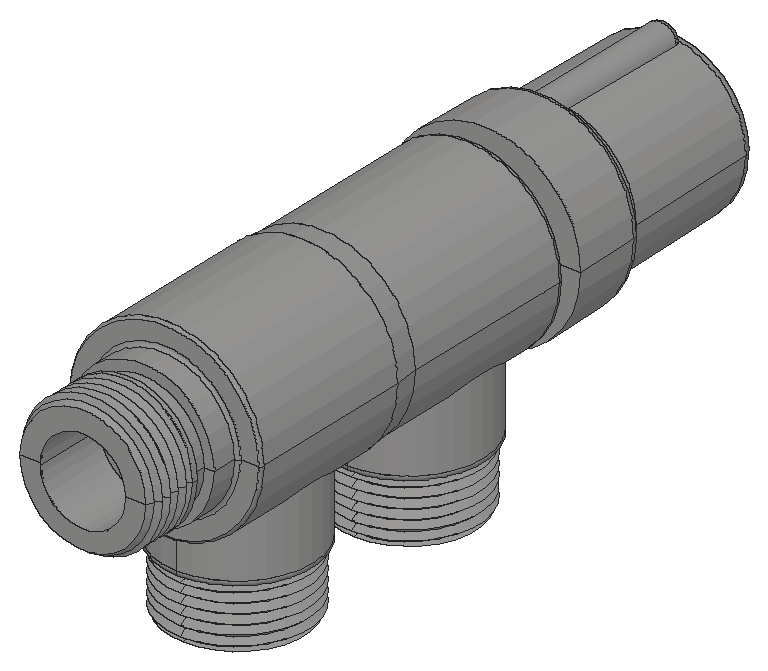
Revit family
Parameters (values of type "733020-3D")
  WaterSupplyTemperatureMaximum = "55°C-85° (∆50°C : CW/HW)"
  WarrantyDurationUnit = "10 years"
  WarrantyDescription = "Any manufacturing defect"
  Version = "v1"
  URL = "http://www.delabie.com"
  Type Comments = "Thermostatic mixing valve "
  SerialNumber = "3456330018968"
  Radius = 13 mm
  ProductInformation = "http://www.delabie.com/products/733020"
  Operation = "Thermostatic mixing valve"
  NominalLength = 140 mm
  Name = "PREMIX COMPACT"
  ModelNumber = "733020"
  Model = "PREMIX COMPACT"
  Material = Brass
  ManufacturerURL = "http://www.delabie.com"
  ManufacturerName = "DELABIE"
  Manufacturer = "DELABIE"
  IntegralAccessoryOptions = "Mixer, tap, valve"
  HW Connection = no
  Grade = "ACS - BELGAQUA - PZH"
  FlowRate lps = "KV 0.38 lps"
  FlowRate lpm = "KV 23 lpm"
  Finish = Rough
  Features  = "Hot water thermostatic mixing valve for mixed water distribution:\r\nFor 2 to 10 sanitary points-of-use (depending on the flow rate).\r\nAnti-scalding safety: Automatic hot water shut-off if cold water supply fails.\r\nAdjustable temperature from 30° - 60°C, can be blocked by the installer.\r\nNon-return valves and filters.\r\nMinimum flow rate for operation: 5 lpm.\r\nThermal shocks are possible.\r\nM¾\" (KV 23 lpm).\r\nRough finish with blue control cap."
  Description = "French manufacturer Delabie is a leader in the European sanitary ware market for non-domestic places. Water controls, solutions for disabled people, sanitary ware, for schools, leisure centres, offices, hospitals, airports…"
  Category = "Basin, shower"
  CW Connection = no
  Assembly Code = ""
Reference planes
  plane 1: y = 0
  plane 2 "Center (Left/Right)": x = 125
  plane 3 "Back": y = 75
Forms (mm)
  Revolve 1, solid, material "Laiton brut"
    sketch origin (125, 142.65, 1316.672) x (1, 0, 0) y (0, 1, 0)
      loop
        arc (0, 70.98) -> (-5.333, 70.769) -> (-10.634, 70.148) r 69.276
        line (-10.634, 70.148) -> (-13.257, 70.148)
        arc (-13.257, 70.148) -> (-14.588, 69.498) -> (-15.142, 68.125) r 2.066
        line (-15.142, 68.125) -> (-15.6, 41.931)
        arc (-15.6, 41.931) -> (-16.125, 40.527) -> (-17.298, 39.594) r 2.804
        arc (-17.298, 39.594) -> (-17.756, 39.216) -> (-17.935, 38.65) r 1.046
        line (-17.935, 38.65) -> (-18.156, 25.98) -> (-11.477, 25.98) -> (-11.477, 23.774)
        arc (-11.477, 23.774) -> (-11.814, 23.067) -> (-12.543, 22.78) r 1.068
        line (-12.543, 22.78) -> (-16.471, 22.78)
        arc (-16.471, 22.78) -> (-17.208, 22.475) -> (-17.513, 21.738) r 1.042
        line (-17.513, 21.738) -> (-17.513, -11.966)
        arc (-17.513, -11.966) -> (-17.878, -14.267) -> (-18, -16.595) r 22.263
        line (-18, -16.595) -> (-18, -47.972)
        arc (-18, -47.972) -> (-17.939, -48.412) -> (-17.619, -48.72) r 0.678
        line (-17.619, -48.72) -> (-14.214, -48.72)
        arc (-14.214, -48.72) -> (-13.717, -48.856) -> (-13.5, -49.324) r 0.613
        line (-13.5, -49.324) -> (-13.5, -53.85) -> (-11.476, -53.85) -> (-11.476, -57.406) -> (-13.012, -57.406) -> (-13.012, -58.36) -> (-11.918, -58.992) -> (-13.015, -59.945) -> (-12.014, -60.946) -> (-12.973, -61.78) -> (-12.002, -62.654) -> (-12.99, -63.642) -> (-11.869, -64.486) -> (-13.047, -65.51) -> (-11.567, -66.27) -> (-12.367, -66.643) -> (-11.762, -67.65) -> (0, -67.65) -> (0, 70.98)
      axis (0, -67.65) -> (0, 70.98)
    angle from 0 to 360
  Revolve 2, solid, material "Laiton brut"
    sketch origin (125, 142.65, 1331.135) x (1, 0, 0) y (0, 1, 0)
      loop
        line (0, 68.215) -> (-1.814, 68.215)
        arc (-1.814, 68.215) -> (-2.674, 67.985) -> (-3.051, 67.177) r 1.054
        line (-3.051, 67.177) -> (-3.051, 36.738) -> (0, 36.738) -> (0, 68.215)
      axis (0, 36.738) -> (0, 68.215)
    angle from 0 to 360
  Revolve 3, solid, material "Laiton brut"
    sketch origin (125, 142.65, 1302.21) x (0, -1, 0) y (1, 0, 0)
      loop
        line (-68.215, 0) -> (-68.215, -1.814)
        arc (-68.215, -1.814) -> (-67.985, -2.674) -> (-67.177, -3.051) r 1.054
        line (-67.177, -3.051) -> (-36.738, -3.051) -> (-36.738, 0) -> (-68.215, 0)
      axis (-36.738, 0) -> (-68.215, 0)
    angle from 0 to 360
  Revolve 4, solid, material "Laiton brut"
    sketch origin (125, 142.65, 1316.672) x (0, 1, 0) y (0, 0, 1)
      loop
        line (8.28, -37.639) -> (20.006, -37.639) -> (20.855, -37.379) -> (20.116, -37.019) -> (21.491, -36.126) -> (20.219, -35.235) -> (21.447, -34.31) -> (20.14, -33.394) -> (21.498, -32.512) -> (20.146, -31.565) -> (21.487, -30.694) -> (20.141, -29.752) -> (21.493, -28.874) -> (20.162, -27.942) -> (21.5, -27.073) -> (19.664, -26.404) -> (21.378, -25.605) -> (22.17, -25.605)
        arc (22.17, -25.605) -> (22.435, -25.2) -> (22.43, -24.716) r 0.835
        line (22.43, -24.716) -> (22.43, -5.833) -> (8.28, -5.833) -> (8.28, -37.639)
      axis (8.28, -5.833) -> (8.28, -37.639)
    angle from 0 to 360
  Revolve 5, solid, material "Laiton brut"
    sketch origin (125, 119.27, 1316.612) x (0, -1, 0) y (0, 0, -1)
      loop
        line (8.28, 37.639) -> (8.28, 5.833) -> (22.43, 5.833) -> (22.43, 24.716)
        arc (22.43, 24.716) -> (22.435, 25.2) -> (22.17, 25.605) r 0.835
        line (22.17, 25.605) -> (21.378, 25.605) -> (19.664, 26.404) -> (21.5, 27.073) -> (20.162, 27.942) -> (21.493, 28.874) -> (20.141, 29.752) -> (21.487, 30.694) -> (20.146, 31.565) -> (21.498, 32.512) -> (20.14, 33.394) -> (21.447, 34.31) -> (20.219, 35.235) -> (21.491, 36.126) -> (20.116, 37.019) -> (20.855, 37.379) -> (20.006, 37.639) -> (8.28, 37.639)
      axis (8.28, 5.833) -> (8.28, 37.639)
    angle from 0 to 360
  Extrusion 6, void
    sketch origin (125, 110.989, 1278.974) x (1, 0, 0) y (0, 1, 0)
      loop
        circle (-0.201, 0.006) r 9
      loop
        circle (-0.201, 40.006) r 9
    from 0 to 12.094
  Revolve 7, solid, material "Laiton brut", not visible
    sketch origin (125, 142.65, 1316.672) x (1, 0, 0) y (0, 1, 0)
      loop
        arc (0, 70.98) -> (-5.333, 70.769) -> (-10.634, 70.148) r 69.276
        line (-10.634, 70.148) -> (-13.257, 70.148)
        arc (-13.257, 70.148) -> (-14.588, 69.498) -> (-15.142, 68.125) r 2.066
        line (-15.142, 68.125) -> (-15.6, 41.931)
        arc (-15.6, 41.931) -> (-16.125, 40.527) -> (-17.298, 39.594) r 2.804
        arc (-17.298, 39.594) -> (-17.756, 39.216) -> (-17.935, 38.65) r 1.046
        line (-17.935, 38.65) -> (-18.156, 25.98) -> (-11.477, 25.98) -> (-11.477, 23.774)
        arc (-11.477, 23.774) -> (-11.814, 23.067) -> (-12.543, 22.78) r 1.068
        line (-12.543, 22.78) -> (-16.471, 22.78)
        arc (-16.471, 22.78) -> (-17.208, 22.475) -> (-17.513, 21.738) r 1.042
        line (-17.513, 21.738) -> (-17.513, -11.966)
        arc (-17.513, -11.966) -> (-17.878, -14.267) -> (-18, -16.595) r 22.263
        line (-18, -16.595) -> (-18, -47.972)
        arc (-18, -47.972) -> (-17.939, -48.412) -> (-17.619, -48.72) r 0.678
        line (-17.619, -48.72) -> (-14.214, -48.72)
        arc (-14.214, -48.72) -> (-13.717, -48.856) -> (-13.5, -49.324) r 0.613
        line (-13.5, -49.324) -> (-13.5, -53.85) -> (-11.476, -53.85) -> (-11.476, -57.406) -> (-13.012, -57.406) -> (-13.012, -58.36) -> (-11.918, -58.992) -> (-13.015, -59.945) -> (-12.014, -60.946) -> (-12.973, -61.78) -> (-12.002, -62.654) -> (-12.99, -63.642) -> (-11.869, -64.486) -> (-13.047, -65.51) -> (-11.567, -66.27) -> (-12.367, -66.643) -> (-11.762, -67.65) -> (0, -67.65) -> (0, 70.98)
      axis (0, -67.65) -> (0, 70.98)
    angle from 0 to 360
  Revolve 8, solid, material "Laiton brut", not visible
    sketch origin (125, 142.65, 1331.135) x (1, 0, 0) y (0, 1, 0)
      loop
        line (0, 68.215) -> (-1.814, 68.215)
        arc (-1.814, 68.215) -> (-2.674, 67.985) -> (-3.051, 67.177) r 1.054
        line (-3.051, 67.177) -> (-3.051, 36.738) -> (0, 36.738) -> (0, 68.215)
      axis (0, 36.738) -> (0, 68.215)
    angle from 0 to 360
  Revolve 9, solid, material "Laiton brut", not visible
    sketch origin (125, 142.65, 1302.21) x (0, -1, 0) y (1, 0, 0)
      loop
        line (-68.215, 0) -> (-68.215, -1.814)
        arc (-68.215, -1.814) -> (-67.985, -2.674) -> (-67.177, -3.051) r 1.054
        line (-67.177, -3.051) -> (-36.738, -3.051) -> (-36.738, 0) -> (-68.215, 0)
      axis (-36.738, 0) -> (-68.215, 0)
    angle from 0 to 360
  Revolve 10, solid, material "Laiton brut", not visible
    sketch origin (125, 142.65, 1316.672) x (0, 1, 0) y (0, 0, 1)
      loop
        line (8.28, -37.639) -> (20.006, -37.639) -> (20.855, -37.379) -> (20.116, -37.019) -> (21.491, -36.126) -> (20.219, -35.235) -> (21.447, -34.31) -> (20.14, -33.394) -> (21.498, -32.512) -> (20.146, -31.565) -> (21.487, -30.694) -> (20.141, -29.752) -> (21.493, -28.874) -> (20.162, -27.942) -> (21.5, -27.073) -> (19.664, -26.404) -> (21.378, -25.605) -> (22.17, -25.605)
        arc (22.17, -25.605) -> (22.435, -25.2) -> (22.43, -24.716) r 0.835
        line (22.43, -24.716) -> (22.43, -5.833) -> (8.28, -5.833) -> (8.28, -37.639)
      axis (8.28, -5.833) -> (8.28, -37.639)
    angle from 0 to 360
  Revolve 11, solid, material "Laiton brut", not visible
    sketch origin (125, 119.27, 1316.612) x (0, -1, 0) y (0, 0, -1)
      loop
        line (8.28, 37.639) -> (8.28, 5.833) -> (22.43, 5.833) -> (22.43, 24.716)
        arc (22.43, 24.716) -> (22.435, 25.2) -> (22.17, 25.605) r 0.835
        line (22.17, 25.605) -> (21.378, 25.605) -> (19.664, 26.404) -> (21.5, 27.073) -> (20.162, 27.942) -> (21.493, 28.874) -> (20.141, 29.752) -> (21.487, 30.694) -> (20.146, 31.565) -> (21.498, 32.512) -> (20.14, 33.394) -> (21.447, 34.31) -> (20.219, 35.235) -> (21.491, 36.126) -> (20.116, 37.019) -> (20.855, 37.379) -> (20.006, 37.639) -> (8.28, 37.639)
      axis (8.28, 5.833) -> (8.28, 37.639)
    angle from 0 to 360
  Extrusion 12, void, not visible
    sketch origin (125, 110.989, 1278.974) x (1, 0, 0) y (0, 1, 0)
      loop
        circle (-0.201, 0.006) r 9
      loop
        circle (-0.201, 40.006) r 9
    from 0 to 12.094
  Extrusion 13, void
    sketch origin (0, 75, 0) x (1, 0, 0) y (0, 0, 1)
      loop
        circle (125, 1316.436) r 8
    from -13.8 to 0.777
  Extrusion 14, void, not visible
    sketch origin (0, 75, 0) x (1, 0, 0) y (0, 0, 1)
      loop
        circle (125, 1316.436) r 8
    from -13.8 to 0.777
Cuts and joins
  Extrusion 6 cuts Revolve 4
  Extrusion 6 cuts Revolve 5
  Extrusion 13 cuts Revolve 1
Text (mm)
  text "Placement side" at (-1787.139, 592.35, 0), in view "Ref. Level"
  text "Placement side" at (0, 1827.695, 2917.686), in view "Left"
  text "Placement side" at (0, 562.268, 3853.606), in view "Right"
Dimensions and locks
  locked: plane 3 "Back" to host wall at 0
  locked: Revolve 1 to plane 3 "Back" at 0
  aligned and locked: host wall to plane 1
  aligned and locked: Extrusion 13 to Revolve 1
  aligned and locked: Extrusion 14 to Revolve 7
Connectors
  piping at (124.799, 150.996, 1291.067), driven by "CW Connection", driven by "Radius"
    settings: on cut or joined group of Revolve 4, Extrusion 6, index 1, connector radius 13 mm, flow factor 0, pipe flow 0.0 L/s, pressure drop 0.0 Pa, fitting loss kfactor 0, connector angle 0.00°, fixture units 0, flow configuration 1, flow direction 1, fitting loss method 0, system type 20, connector reference index -1, connector utility 0, adjustable connector no, is connector primary yes, fitting loss table "", connector description "In cold water"
  piping at (124.799, 110.996, 1291.067), driven by "Radius"
    settings: on cut or joined group of Revolve 5, Extrusion 6, index 2, connector radius 13 mm, flow factor 0, pipe flow 0.0 L/s, pressure drop 0.0 Pa, fitting loss kfactor 0, connector angle 0.00°, fixture units 0, flow configuration 1, flow direction 1, fitting loss method 0, system type 19, connector reference index -1, connector utility 0, adjustable connector no, is connector primary no, fitting loss table "", connector description "In hot water"
  piping at (125, 88.8, 1316.436), driven by "Radius"
    settings: on cut or joined group of Revolve 1, Extrusion 13, index 3, connector radius 13 mm, flow factor 0, pipe flow 0.38 L/s, pressure drop 0.0 Pa, fitting loss kfactor 0, connector angle 0.00°, fixture units 0, flow configuration 1, flow direction 2, fitting loss method 0, system type 19, connector reference index -1, connector utility 0, adjustable connector no, is connector primary no, fitting loss table "", connector description "Out - Mixed water"
